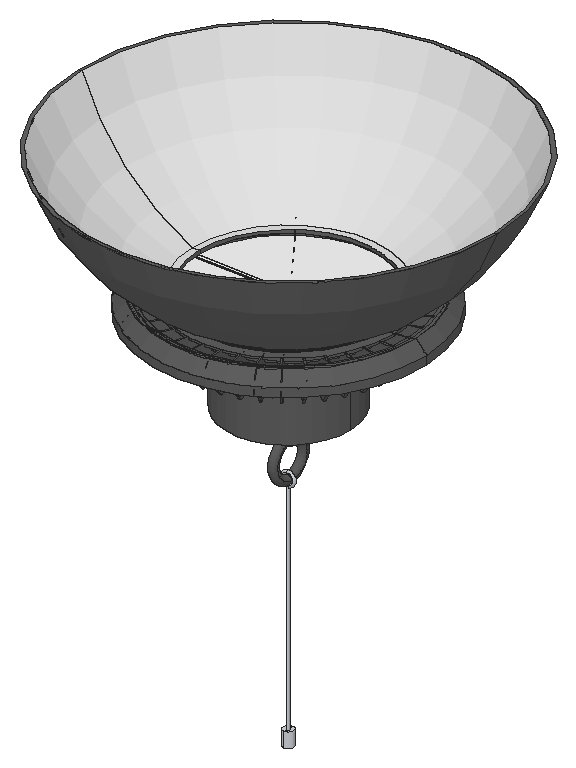
Revit family "0039350+0039357 Feilo Sylvania Lighting Fixture START HIGHBAY 6K 13KLM WIDE with ALU SHADE BLACK COLOR FOR 13_19KLM", category Lighting Fixtures, host Face, Revit 2017
Family settings
  Host = Face
  Round Connector Dimension = Use Diameter
  Part Type = Normal
  OmniClass Number = 23.80.70.00
  OmniClass Title = Lighting
  Cut with Voids When Loaded = No
  Light Source = Yes
  Shared = No
  Room Calculation Point = No
Parameters (values of type "0039350+0039357 START HIGHBAY 6K 13KLM WIDE ALU SHADE BLACK COLOR FOR 13/19KLM")
  WidthStraight_FEILO = if(SizeS_FEILO, 3 mm, if(SizeM_FEILO, 4 mm, 4.7 mm))  # 3 mm
  WidthRingChamfer_FEILO = if(SizeS_FEILO, 10.3 mm, if(SizeM_FEILO, 11.2 mm, 12.9 mm))  # 10.3 mm
  WidthCurved_FEILO = if(SizeS_FEILO, 17.4 mm, if(SizeM_FEILO, 16.4 mm, 26.2 mm))  # 17.4 mm
  WidthCurvedRing_FEILO = if(SizeS_FEILO, 3 mm, if(SizeM_FEILO, 4 mm, 4.7 mm))  # 3 mm
  WidthBracket_FEILO = 40 mm
  Weight = "3.0 kg"
  Wattage Comments = ""
  Wattage = 100 W
  WarrantyStartDate [instance] = "n/a"
  WarrantyGuarantorParts = "n/a"
  WarrantyDurationUnit = "n/a"
  WarrantyDurationParts = "n/a"
  WarrantyDescription = "n/a"
  built-in parameter 1150110 = 1 (stored number, unit not read)
  Voltage = 230 V
  VisibilityBracket_FEILO = no
  URL = "http://www.sylvania-lighting.com"
  TypeName = "START HIGHBAY 6K 13KLM WIDE ALU SHADE BLACK COLOR FOR 13/19KLM"
  Type Image = <None>
  Type Comments = "n/a"
  built-in parameter 1114217 = 1 (stored number, unit not read)
  Tilt Angle = -90.00°
  ThicknessWall_FEILO = 1.5 mm
  ThicknessBracket_FEILO = 1.5 mm
  ThicknessBracketHalf_FEILO = ThicknessBracket_FEILO / 2  # 0.75 mm
  built-in parameter 1150109 = 1 (stored number, unit not read)
  built-in parameter 1150134 = 1
  SuspensionHeight_FEILO [instance] = 400 mm
  built-in parameter 1150113 = 1 (stored number, unit not read)
  SizeS_FEILO = yes
  SizeM_FEILO = no
  ShadeThickness_FEILO = 3 mm
  ShadeSizeSM_FEILO = or(SizeS_FEILO, SizeM_FEILO)  # yes
  ShadeRadiusOut_FEILO = 205 mm
  ShadeRadiusIn_FEILO = if(ShadeSizeSM_FEILO, 95 mm, 121 mm)  # 95 mm
  ShadeRadiusBend_FEILO = if(ShadeSizeSM_FEILO, 210 mm, 210 mm)  # 210 mm
  ShadeHeight_FEILO = if(ShadeSizeSM_FEILO, 120 mm, 151 mm)  # 120 mm
  SerialNumber [instance] = "n/a"
  Rib4_FEILO = if(SizeS_FEILO, 18.1 mm, if(SizeM_FEILO, 13.6 mm, 14.6 mm))  # 18.1 mm
  Rib3_FEILO = if(SizeS_FEILO, 15.3 mm, if(SizeM_FEILO, 17.6 mm, 20.2 mm))  # 15.3 mm
  Rib2_FEILO = if(SizeS_FEILO, 3.6 mm, if(SizeM_FEILO, 3.9 mm, 4.5 mm))  # 3.6 mm
  Rib1_FEILO = if(SizeS_FEILO, 15.1 mm, if(SizeM_FEILO, 16.5 mm, 19 mm))  # 15.1 mm
  RadiusDiffuser_FEILO = if(SizeS_FEILO, 95.2 mm, if(SizeM_FEILO, 105.3 mm, 120 mm))  # 95.2 mm
  RadiusArrayPost_FEILO = DriverRadius_FEILO - 6 mm  # 55.4 mm
  RHRadius3_FEILO = if(SizeS_FEILO, 6.6 mm, if(SizeM_FEILO, 7.4 mm, 8.6 mm))  # 6.6 mm
  RHRadius2_FEILO = if(SizeS_FEILO, 11 mm, if(SizeM_FEILO, 12 mm, 14 mm))  # 11 mm
  RHRadius1_FEILO = if(SizeS_FEILO, 13.6 mm, if(SizeM_FEILO, 14.9 mm, 17.7 mm))  # 13.6 mm
  RHHeight4_FEILO = if(SizeS_FEILO, 7.3 mm, if(SizeM_FEILO, 8 mm, 9.2 mm))  # 7.3 mm
  RHHeight3_FEILO = if(SizeS_FEILO, 3.6 mm, if(SizeM_FEILO, 3.7 mm, 4.6 mm))  # 3.6 mm
  RHHeight2_FEILO = if(SizeS_FEILO, 2 mm, if(SizeM_FEILO, 2.2 mm, 2.6 mm))  # 2 mm
  RHHeight1_FEILO = if(SizeS_FEILO, 11.8 mm, if(SizeM_FEILO, 15.3 mm, 17.4 mm))  # 11.8 mm
  Photometric Web File = "0039350+0039357.ies"
  Material_5_FEILO = Shade-Sylvania-StartHighbay-Alu
  Material_3_FEILO = LED-Sylvania-StartHighbay-Glow
  PowerFactor = 0.95
  PowerConsumption = "100 W"
  NominalLength = 270 mm
  NominalHeight = 170 mm
  NominalDepth = 270 mm
  Name = "START HIGHBAY 6K 13KLM WIDE ALU SHADE BLACK COLOR FOR 13/19KLM"
  ModelReference = Name  # "START HIGHBAY 6K 13KLM WIDE ALU SHADE BLACK COLOR FOR 13/19KLM"
  ModelNumber = "0039350+0039357"
  Model = Name  # "START HIGHBAY 6K 13KLM WIDE ALU SHADE BLACK COLOR FOR 13/19KLM"
  Material = "aluminium alloy housing, polycarbonate diffuser"
  ManufacturerName = "Feilo Sylvania"
  Manufacturer = "Feilo Sylvania"
  LuminousEfficacy = "130 lm/W"
  built-in parameter 1150105 = 7435 (stored number, unit not read)
  Lumens = 13000 lm
  LuminaireType = ""
  built-in parameter 1150115 = 1 (stored number, unit not read)
  LightOutputRatio = "n/a"
  built-in parameter 1150137 = (empty or 0)
  built-in parameter 1150139 = (empty or 0)
  LampsType = Lamp  # "LED"
  LampNominalLuminous = "13000 lm"
  LampMacAdamStep = "n/a"
  LampColourTemperature = "6500 K"
  LampColourRenderingIndex = "80"
  built-in parameter 1150112 = 1 (stored number, unit not read)
  built-in parameter 1150114 = 1 (stored number, unit not read)
  Lamp = "LED"
  Keynote = "16500"
  InstallationDate [instance] = "n/a"
  InputVoltage = "220-240V~"
  InputNominalFrequency = "50/60 Hz"
  built-in parameter 1150132 = (empty or 0)
  built-in parameter 1150102 = (empty or 0)
  built-in parameter 1150107 = 6500 (stored number, unit not read)
  built-in parameter 1150138 = (empty or 0)
  IngressProtection = "IP65"
  ImpactProtectionIndex = "IK08"
  built-in parameter 1150106 = 74.35 (stored number, unit not read)
  IfcExportType = "IfcLightFixtureType"
  IfcExportAs = "IfcLightFixtureType"
  HeightRing_FEILO = if(SizeS_FEILO, 19.8 mm, if(SizeM_FEILO, 32 mm, 36.8 mm))  # 19.8 mm
  HeightRingChamfer_FEILO = if(SizeS_FEILO, 11.7 mm, if(SizeM_FEILO, 23.2 mm, 26.6 mm))  # 11.7 mm
  EyeThickness_FEILO = if(SizeS_FEILO, 8.4 mm, if(SizeM_FEILO, 9.2 mm, 10.5 mm))  # 8.4 mm
  EyeThicknessHalf_FEILO = EyeThickness_FEILO / 2  # 4.2 mm
  EyeInner_FEILO = if(SizeS_FEILO, 13.8 mm, if(SizeM_FEILO, 15.1 mm, 17.3 mm))  # 13.8 mm
  ExpectedLife = 50000
  Emit from Circle Diameter = RadiusDiffuser_FEILO * 2  # 190.4 mm
  Emit Shape Visible in Rendering = no
  ElectricShockClassification = "Class I"
  built-in parameter 1150104 = 12.077 (stored number, unit not read)
  DurationUnit = "hours"
  DriverVerticalStraight_FEILO = if(SizeS_FEILO, 46.5 mm, if(SizeM_FEILO, 49.7 mm, 57 mm))  # 46.5 mm
  DriverVerticalChamfer_FEILO = if(SizeS_FEILO, 7.5 mm, if(SizeM_FEILO, 8.2 mm, 9.5 mm))  # 7.5 mm
  DriverRadius_FEILO = if(SizeS_FEILO, 61.4 mm, if(SizeM_FEILO, 67.2 mm, 76.4 mm))  # 61.4 mm
  DriverRadiusTop_FEILO = if(SizeS_FEILO, 42 mm, if(SizeM_FEILO, 45.3 mm, 52.4 mm))  # 42 mm
  DriverBottom_FEILO = if(SizeS_FEILO, 56 mm, if(SizeM_FEILO, 64.5 mm, 74 mm))  # 56 mm
  DocumentationLiterature = "http://www.sylvania-lighting.com/product/en-int/products/0039350"
  DimmingControlOptions = "n/a"
  Material_2_FEILO = Diffuser-Sylvania-StartHighbay-Transparent
  Radius_FEILO = if(SizeS_FEILO, 135 mm, if(SizeM_FEILO, 148 mm, 169.5 mm))  # 135 mm
  Dimming Lamp Color Temperature Shift = <None>
  DiameterWire_FEILO = 3 mm
  DiameterWireSupport_FEILO = 10 mm
  Description = "START HIGHBAY, includes 1 m cables, black aluminium housing, 13000LM, 100W, 130lm/W, 6500K, Driver current: 2140mA, CR80, 60° beam angle, 1-10V dimmable,  IP65, IK08, 50,000 hrs (L70B50), (LxWxH) 270x270x170mm"
  Default Elevation = 1219.2 mm
  CreatedOn = "2/28/2018"
  CreatedBy = ""
  Cost = 0
  Color Filter = 16777215
  built-in parameter 1114216 [instance] = (empty or 0)
  ClassificationValue = "EF_70_80"
  ClassificationName = "Uniclass2015"
  Material_1_FEILO = Body-Sylvania-StartHighbay-Black
  BarCode [instance] = "n/a"
  built-in parameter 1114218 = 1 (stored number, unit not read)
  built-in parameter 1150133 = 10 (stored number, unit not read)
  AssetType = "Fixed"
  AssetIdentifier [instance] = "n/a"
  Assembly Code = "D5020200"
  Apparent Load = 100 VA
  Material_4_FEILO = Shade-Sylvania-StartHighbay-Black
Reference planes
  plane 1 "Center (Front/Back)": y = 0
  plane 2: z = 0
  plane 3 "Center (Left/Right)": x = 0
  plane 4: z = 400
  plane 5: x = -135
  plane 6: x = -124.7
  plane 7: z = 388.3
  plane 8: z = 380.2
  plane 9: x = -121.7
  plane 10: z = 397.375
  plane 11: x = -104.3
  plane 12: x = -95.2
  plane 13: x = -118.7
  plane 14: z = 398.375
  plane 15: z = 396.375
  plane 16: x = -92.2
  plane 17: z = 395.375
  plane 18: x = -133.5
  plane 19: x = -119.9
  plane 20: z = 376.6
  plane 21: x = -104.6
  plane 22: z = 358.5
  plane 23: x = -20
  plane 24: z = 344
  plane 25: x = -61.4
  plane 26: z = 297.5
  plane 27: x = -42
  plane 28: z = 290
  plane 29: x = -13.6
  plane 30: z = 278.2
  plane 31: z = 276.2
  plane 32: x = -11
  plane 33: z = 272.6
  plane 34: z = 265.3
  plane 35: x = -6.6
  plane 36: z = 251.5
  plane 37: z = 237.7
  plane 38: x = 4.2
  plane 39: x = -4.2
  plane 40: z = 229.3
  plane 41: z = 233.5
  plane 42: x = -129.1
  plane 43: x = -132.5
  plane 44: z = 378.7
  plane 45: x = -123.2
  plane 46: z = 320.75
  plane 47: y = -20
  plane 48: y = 20
  plane 49: x = 135
  plane 50: x = 124.7
  plane 51: x = 133.5
  plane 52: x = 129.1
  plane 53: x = 132.5
  plane 54: x = 123.2
  plane 55: z = 240.7
  plane 56: y = 1.5
  plane 57: y = -1.5
  plane 58: z = 239.2
  plane 59: z = 227.8
  plane 60: z = 226.3
  plane 61: y = -5
  plane 62: y = 5
  plane 63: z = 14
  plane 64: x = -205
  plane 65: z = 520
  plane 66: x = -95
  plane 67: x = -87
  plane 68: x = -202
  plane 69: z = 403
Forms (mm)
  Revolve 1, solid, material "Body-Sylvania-StartHighbay-Black" <- "Material_1_FEILO", detail levels medium+fine
    sketch origin (0, 0, 0) x (1, 0, 0) y (0, 0, 1)
      loop
        line (-135, 380.2) -> (-133.5, 380.2) -> (-133.5, 387.734) -> (-125.012, 397.375) -> (-118.7, 397.375) -> (-118.7, 399.16)
        arc (-118.7, 399.16) -> (-120.206, 399.56) -> (-121.7, 400) r 58.981
        line (-121.7, 400) -> (-124.241, 400)
        arc (-124.241, 400) -> (-124.657, 399.911) -> (-124.999, 399.66) r 1.015
        line (-124.999, 399.66) -> (-135, 388.3) -> (-135, 380.2)
      axis (0, 400) -> (0, 380.2)
    angle from 360 to 0
  Revolve 2, solid, material "Body-Sylvania-StartHighbay-Black" <- "Material_1_FEILO", detail levels medium+fine
    sketch origin (0, 0, 0) x (1, 0, 0) y (0, 0, 1)
      loop
        line (-104.3, 395.375) -> (-95.2, 395.375) -> (-95.2, 388.3) -> (0, 388.3) -> (0, 395.375) -> (-92.2, 395.375) -> (-92.2, 396.375) -> (-95.2, 396.375) -> (-95.2, 397.375) -> (-104.3, 397.375) -> (-104.3, 395.375)
      axis (0, 397.375) -> (0, 388.3)
    angle from 360 to 0
  Revolve 3, solid, material "Diffuser-Sylvania-StartHighbay-Transparent" <- "Material_2_FEILO", detail levels medium+fine
    sketch origin (0, 0, 0) x (1, 0, 0) y (0, 0, 1)
      loop
        line (-95.2, 396.375) -> (0, 396.375) -> (0, 398.375) -> (-95.2, 398.375) -> (-95.2, 396.375)
      axis (0, 398.375) -> (0, 396.375)
    angle from 360 to 0
  Revolve 4, solid, material "Body-Sylvania-StartHighbay-Black" <- "Material_1_FEILO"
    sketch origin (0, 0, 0) x (1, 0, 0) y (0, 0, 1)
      loop
        line (-61.4, 358.5) -> (-61.4, 297.5) -> (-42, 290) -> (-13.6, 290) -> (-13.6, 278.2) -> (-11, 276.2) -> (-11, 272.6) -> (-7.037, 266.026)
        arc (-7.037, 266.026) -> (-6.49, 265.494) -> (-5.753, 265.3) r 1.5
        line (-5.753, 265.3) -> (0, 265.3) -> (0, 358.5) -> (-61.4, 358.5)
      axis (0, 358.5) -> (0, 265.3)
    angle from 360 to 0
  Revolve 5, solid, material "Body-Sylvania-StartHighbay-Black" <- "Material_1_FEILO"
    sketch origin (0, 0, 0) x (1, 0, 0) y (0, 0, 1)
      loop
        circle (0, 233.5) r 4.2
      axis (4.2, 251.5) -> (-4.2, 251.5)
    angle from 360 to 0
  Extrusion 6, solid, material "Body-Sylvania-StartHighbay-Black" <- "Material_1_FEILO", visible <- "VisibilityBracket_FEILO"
    sketch origin (0, 0, 0) x (1, 0, 0) y (0, 0, 1)
      loop
        line (-132.5, 380.2) -> (-132.5, 378.7) -> (-125.45, 378.7)
        arc (-125.45, 378.7) -> (-124.92, 378.48) -> (-124.7, 377.95) r 0.75
        line (-124.7, 377.95) -> (-124.7, 320.75) -> (-123.2, 320.75) -> (-123.2, 378.7)
        arc (-123.2, 378.7) -> (-123.639, 379.761) -> (-124.7, 380.2) r 1.5
        line (-124.7, 380.2) -> (-132.5, 380.2)
      loop
        line (132.5, 380.2) -> (124.7, 380.2)
        arc (124.7, 380.2) -> (123.639, 379.761) -> (123.2, 378.7) r 1.5
        line (123.2, 378.7) -> (123.2, 320.75) -> (124.7, 320.75) -> (124.7, 377.95)
        arc (124.7, 377.95) -> (124.92, 378.48) -> (125.45, 378.7) r 0.75
        line (125.45, 378.7) -> (132.5, 378.7) -> (132.5, 380.2)
    from -20 to 20
  Extrusion 7, void
    sketch origin (0, 0, 0) x (0, 1, 0) y (0, 0, 1)
      loop
        arc (-10, 320.75) -> (-17.071, 323.679) -> (-20, 330.75) r 10
        line (-20, 330.75) -> (-25, 330.75) -> (-25, 315.75) -> (-10, 315.75) -> (-10, 320.75)
      loop
        line (10, 320.75) -> (10, 315.75) -> (25, 315.75) -> (25, 330.75) -> (20, 330.75)
        arc (20, 330.75) -> (17.071, 323.679) -> (10, 320.75) r 10
    from -124.7 to 124.7
  Revolve 8, solid, material "Body-Sylvania-StartHighbay-Black" <- "Material_1_FEILO", detail levels coarse
    sketch origin (0, 0, 0) x (1, 0, 0) y (0, 0, 1)
      loop
        line (0, 400) -> (-124.7, 400) -> (-135, 388.3) -> (-135, 380.2) -> (-119.9, 380.2) -> (-119.9, 376.6) -> (-104.6, 358.5) -> (0, 358.5) -> (0, 400)
      axis (0, 400) -> (0, 358.5)
    angle from 360 to 0
  Revolve 9, solid
    sketch origin (0, 0, 0) x (0, 1, 0) y (0, 0, 1)
      loop
        circle (0, 239.2) r 1.5
      axis (1.5, 233.5) -> (-1.5, 233.5)
    angle from 360 to 0
  Revolve 10, solid
    sketch origin (0, 0, 0) x (0, 1, 0) y (0, 0, 1)
      loop
        line (0, 0) -> (0, 227.8) -> (-1.5, 227.8) -> (-1.5, 14) -> (-5, 14) -> (-5, 0) -> (0, 0)
      axis (0, 0) -> (0, 227.8)
    angle from 360 to 0
  Revolve 11, solid, material "Shade-Sylvania-StartHighbay-Black" <- "Material_4_FEILO"
    sketch origin (0, 0, 0) x (1, 0, 0) y (0, 0, 1)
      loop
        line (-95, 400) -> (-87, 400) -> (-87, 403) -> (-94.341, 403)
        arc (-94.341, 403) -> (-159.747, 450.78) -> (-201.81, 520) r 207
        line (-201.81, 520) -> (-205, 520)
        arc (-205, 520) -> (-162.101, 448.908) -> (-95, 400) r 210
      axis (0, 520) -> (0, 400)
    angle from 360 to 0
Cuts and joins
  Extrusion 7 cuts Extrusion 6
Lines and regions (mm)
  reference lines
    curve 1: line (-135, 0, 388.3) -> (-124.7, 0, 400)
    curve 2: line (-104.3, 0, 397.375) -> (0, 0, 397.375)
    curve 3: arc (-104.3, 0, 397.375) -> (-113.098, 0, 398.035) -> (-121.7, 0, 400) r 58.981
    curve 4: line (-124.7, 0, 400) -> (-121.7, 0, 400)
    curve 5: line (-125.012, 0, 397.375) -> (-133.5, 0, 387.734)
    curve 6: line (-119.9, 0, 376.6) -> (-104.6, 0, 358.5)
    curve 7: line (-11, 0, 272.6) -> (-6.6, 0, 265.3)
    curve 8: circle (0, 0, 233.5) r 4.2 normal (0, -1, 0)
    curve 9: arc (-95, 0, 400) -> (-162.101, 0, 448.908) -> (-205, 0, 520) r 210
Dimensions and locks
  "Radius_FEILO": plane 3 "Center (Left/Right)" to plane 5
  "WidthRingChamfer_FEILO": plane 6 to plane 5
  "WidthStraight_FEILO": plane 9 to plane 6
  "WidthCurvedRing_FEILO": plane 13 to plane 9
  locked: plane 10 to plane 15 at 1
  locked: plane 14 to plane 10 at 1
  locked: plane 4 to plane 10 at 2.625
  locked: plane 15 to plane 17 at 1
  "ThicknessWall_FEILO": plane 18 to plane 5
  "ThicknessWall_FEILO": curve 5 to curve 1
  "HeightRingChamfer_FEILO": plane 4 to plane 7
  "HeightRing_FEILO": plane 4 to plane 8
  "RadiusDiffuser_FEILO": plane 3 "Center (Left/Right)" to plane 12
  locked: plane 16 to plane 12 at 3
  "WidthCurved_FEILO": plane 11 to plane 9
  "SuspensionHeight_FEILO": plane 4 to plane 2
  "Rib1_FEILO": plane 19 to plane 5
  "Rib2_FEILO": plane 8 to plane 20
  "Rib3_FEILO": plane 21 to plane 19
  "Rib4_FEILO": plane 20 to plane 22
  locked: plane 3 "Center (Left/Right)" to plane 23 at 20
  "DriverBottom_FEILO": plane 4 to plane 24
  "DriverRadius_FEILO": plane 3 "Center (Left/Right)" to plane 25
  "DriverVerticalStraight_FEILO": plane 24 to plane 26
  "DriverRadiusTop_FEILO": plane 3 "Center (Left/Right)" to plane 27
  "DriverVerticalChamfer_FEILO": plane 26 to plane 28
  "RHRadius1_FEILO": plane 3 "Center (Left/Right)" to plane 29
  "RHHeight2_FEILO": plane 30 to plane 31
  "RHRadius2_FEILO": plane 3 "Center (Left/Right)" to plane 32
  "RHHeight3_FEILO": plane 31 to plane 33
  "RHHeight4_FEILO": plane 33 to plane 34
  "RHRadius3_FEILO": plane 3 "Center (Left/Right)" to plane 35
  "RHHeight1_FEILO": plane 28 to plane 30
  "EyeInner_FEILO": plane 34 to plane 36
  "EyeInner_FEILO": plane 36 to plane 37
  equal spacing: plane 38, plane 3 "Center (Left/Right)", plane 39
  "EyeThickness_FEILO": plane 38 to plane 39
  "EyeThickness_FEILO": plane 37 to plane 40
  equal spacing: plane 37, plane 41, plane 40
  equal spacing: plane 6, plane 42, plane 18
  "ThicknessBracket_FEILO": plane 45 to plane 6
  "ThicknessBracket_FEILO": plane 8 to plane 44
  locked: plane 43 to plane 18 at 1
  equal spacing: plane 24, plane 46, plane 26
  equal spacing: plane 47, plane 1 "Center (Front/Back)", plane 48
  "WidthBracket_FEILO": plane 47 to plane 48
  "WidthRingChamfer_FEILO": plane 50 to plane 49
  "ThicknessWall_FEILO": plane 51 to plane 49
  equal spacing: plane 50, plane 52, plane 51
  "ThicknessBracket_FEILO": plane 54 to plane 50
  locked: plane 53 to plane 51 at 1
  "Radius_FEILO": plane 49 to plane 3 "Center (Left/Right)"
  equal spacing: plane 57, imposter light, plane 56
  "DiameterWire_FEILO": plane 57 to plane 56
  "DiameterWire_FEILO": plane 37 to plane 55
  equal spacing: plane 37, plane 58, plane 55
  "DiameterWire_FEILO": plane 60 to plane 40
  equal spacing: plane 60, plane 59, plane 40
  equal spacing: plane 61, plane 1 "Center (Front/Back)", plane 62
  "DiameterWireSupport_FEILO": plane 61 to plane 62
  locked: plane 63 to plane 2 at 14
  "ShadeRadiusOut_FEILO": plane 3 "Center (Left/Right)" to plane 64
  "ShadeHeight_FEILO": plane 65 to plane 4
  "ShadeRadiusIn_FEILO": plane 3 "Center (Left/Right)" to plane 66
  locked: plane 67 to plane 66 at 8
  "ShadeThickness_FEILO": plane 69 to plane 4
  "ShadeThickness_FEILO": plane 68 to plane 64
  "EyeThicknessHalf_FEILO": radius of curve 8
  "ThicknessBracket_FEILO": radius of Extrusion 6 sketch curve  (x2)
  "ThicknessBracketHalf_FEILO": radius of Extrusion 6 sketch curve  (x2)
  "DiameterWire_FEILO": diameter of Revolve 9 sketch curve
  "ShadeRadiusBend_FEILO": radius of curve 9
  aligned and locked: plane 2 to host face
  aligned and locked: level to host face
  aligned and locked: plane 5 to curve 1
  aligned and locked: plane 6 to curve 1
  aligned and locked: plane 7 to curve 1
  aligned and locked: plane 10 to curve 2
  aligned and locked: plane 9 to curve 3
  aligned and locked: plane 4 to curve 3
  aligned and locked: plane 11 to curve 3
  aligned and locked: plane 4 to curve 4
  aligned and locked: plane 18 to curve 5
  aligned and locked: plane 10 to curve 5
  aligned and locked: Revolve 1 sketch curve to plane 3 "Center (Left/Right)"
  aligned and locked: Revolve 1 sketch curve to curve 3
  aligned and locked: Revolve 1 sketch curve to curve 1
  aligned and locked: plane 4 to Revolve 1 sketch curve
  aligned and locked: plane 9 to Revolve 1 sketch curve
  aligned and locked: Revolve 1 sketch curve to plane 13
  aligned and locked: Revolve 1 sketch curve to plane 10
  aligned and locked: plane 13 to Revolve 1 sketch curve
  aligned and locked: plane 10 to Revolve 1 sketch curve
  aligned and locked: Revolve 1 sketch curve to plane 18
  aligned and locked: Revolve 1 sketch curve to plane 8
  aligned and locked: plane 5 to Revolve 1 sketch curve  (x2)
  aligned and locked: Revolve 2 sketch curve to plane 3 "Center (Left/Right)"
  aligned and locked: plane 11 to Revolve 2 sketch curve
  aligned and locked: Revolve 2 sketch curve to curve 2
  aligned and locked: plane 15 to Revolve 2 sketch curve
  aligned and locked: Revolve 2 sketch curve to plane 16
  aligned and locked: plane 17 to Revolve 2 sketch curve  (x2)
  aligned and locked: Revolve 2 sketch curve to plane 12
  aligned and locked: plane 7 to Revolve 2 sketch curve
  aligned and locked: Revolve 3 sketch curve to plane 3 "Center (Left/Right)"
  aligned and locked: Revolve 3 sketch curve to plane 14
  aligned and locked: plane 3 "Center (Left/Right)" to Revolve 3 sketch curve
  aligned and locked: Revolve 3 sketch curve to plane 12
  aligned and locked: plane 15 to Revolve 3 sketch curve
  aligned and locked: Revolve 1 sketch curve to curve 5
  aligned and locked: plane 22 to curve 6
  aligned and locked: plane 21 to curve 6
  aligned and locked: plane 20 to curve 6
  aligned and locked: plane 19 to curve 6
  aligned and locked: plane 33 to curve 7
  aligned and locked: plane 32 to curve 7
  aligned and locked: plane 35 to curve 7
  aligned and locked: plane 34 to curve 7
  aligned and locked: Revolve 4 sketch curve to plane 3 "Center (Left/Right)"
  aligned and locked: Revolve 4 sketch curve to plane 25
  aligned and locked: plane 27 to Revolve 4 sketch curve
  aligned and locked: plane 28 to Revolve 4 sketch curve
  aligned and locked: plane 30 to Revolve 4 sketch curve
  aligned and locked: Revolve 4 sketch curve to plane 29
  aligned and locked: plane 31 to Revolve 4 sketch curve
  aligned and locked: Revolve 4 sketch curve to curve 7
  aligned and locked: Revolve 4 sketch curve to plane 32
  aligned and locked: plane 34 to Revolve 4 sketch curve
  aligned and locked: plane 3 "Center (Left/Right)" to Revolve 4 sketch curve
  aligned and locked: plane 3 "Center (Left/Right)" to curve 8
  aligned and locked: plane 41 to curve 8
  aligned and locked: Revolve 5 sketch curve to plane 36
  aligned and locked: Revolve 5 sketch curve to curve 8
  aligned and locked: plane 43 to Extrusion 6 sketch curve  (x2)
  aligned and locked: plane 8 to Extrusion 6 sketch curve  (x3)
  aligned and locked: Extrusion 6 sketch curve to plane 45
  aligned and locked: Extrusion 6 sketch curve to plane 46  (x2)
  aligned and locked: plane 6 to Extrusion 6 sketch curve
  aligned and locked: Extrusion 6 sketch curve to plane 44  (x2)
  aligned and locked: Extrusion 6 to plane 48
  aligned and locked: plane 47 to Extrusion 6
  aligned and locked: plane 53 to Extrusion 6 sketch curve
  aligned and locked: plane 50 to Extrusion 6 sketch curve
  aligned and locked: Extrusion 6 sketch curve to plane 54
  aligned and locked: Extrusion 7 sketch curve to Extrusion 7 sketch curve
  aligned and locked: Extrusion 7 to plane 6
  aligned and locked: Extrusion 7 to Extrusion 6
  aligned and locked: Revolve 4 sketch curve to plane 22
  aligned and locked: plane 23 to nested 1
  aligned and locked: plane 1 "Center (Front/Back)" to nested 1
  aligned and locked: Revolve 8 sketch curve to plane 3 "Center (Left/Right)"
  aligned and locked: Revolve 8 sketch curve to plane 4
  aligned and locked: plane 6 to Revolve 8 sketch curve
  aligned and locked: plane 4 to Revolve 8 sketch curve
  aligned and locked: plane 7 to Revolve 8 sketch curve
  aligned and locked: Revolve 8 sketch curve to plane 5
  aligned and locked: plane 8 to Revolve 8 sketch curve  (x2)
  aligned and locked: Revolve 8 sketch curve to plane 19
  aligned and locked: plane 20 to Revolve 8 sketch curve
  aligned and locked: plane 19 to Revolve 8 sketch curve
  aligned and locked: plane 21 to Revolve 8 sketch curve
  aligned and locked: plane 22 to Revolve 8 sketch curve  (x2)
  aligned and locked: Revolve 8 sketch curve to Revolve 8 sketch curve
  aligned and locked: imposter light to plane 4
  aligned and locked: plane 3 "Center (Left/Right)" to imposter light
  aligned and locked: imposter light to plane 1 "Center (Front/Back)"
  aligned and locked: Revolve 9 sketch curve to plane 41
  aligned and locked: Revolve 10 sketch curve to plane 1 "Center (Front/Back)"
  aligned and locked: plane 1 "Center (Front/Back)" to Revolve 10 sketch curve  (x2)
  aligned and locked: host face to Revolve 10 sketch curve
  aligned and locked: plane 63 to Revolve 10 sketch curve
  aligned and locked: Revolve 10 sketch curve to plane 61
  aligned and locked: Revolve 10 sketch curve to plane 57
  aligned and locked: plane 59 to Revolve 10 sketch curve
  aligned and locked: plane 64 to curve 9
  aligned and locked: plane 65 to curve 9
  aligned and locked: plane 66 to curve 9
  aligned and locked: plane 4 to curve 9
  aligned and locked: Revolve 11 sketch curve to curve 9
  aligned and locked: plane 67 to Revolve 11 sketch curve
  aligned and locked: plane 66 to Revolve 11 sketch curve
  aligned and locked: plane 65 to Revolve 11 sketch curve  (x2)
  aligned and locked: Revolve 11 sketch curve to plane 67
  aligned and locked: plane 69 to Revolve 11 sketch curve
Automatic sketch dimensions
  host sketch curve to host sketch curve = 2438.4 mm  (x2)
  Revolve 1 sketch curve to plane 6 = 0.299 mm
  plane 6 to Revolve 1 sketch curve = 0.459 mm
  Revolve 1 sketch curve to level = 609.6 mm
  Revolve 1 sketch curve to Revolve 1 sketch curve = 2312.223 mm
  Revolve 2 sketch curve to plane 12 = 0 mm
  Revolve 2 sketch curve to plane 3 "Center (Left/Right)" = 0 mm
  Revolve 2 sketch curve to level = 609.6 mm
  Revolve 2 sketch curve to plane 4 = 2339.058 mm
  Revolve 3 sketch curve to level = 609.6 mm
  Revolve 3 sketch curve to plane 4 = 2339.058 mm
  Revolve 5 sketch curve to plane 5 = 1080 mm
  plane 38 to Revolve 5 sketch curve = 1219.2 mm
  Extrusion 7 sketch curve to plane 47 = 0 mm
  plane 46 to Extrusion 7 sketch curve = 0 mm  (x2)
  Extrusion 7 sketch curve to plane 48 = 0 mm
  plane 47 to Extrusion 7 sketch curve = 5 mm
  plane 1 "Center (Front/Back)" to Extrusion 7 sketch curve = 10 mm
  Extrusion 7 sketch curve to Extrusion 7 sketch curve = 10 mm
  plane 46 to Extrusion 7 sketch curve = 5 mm
  Extrusion 7 sketch curve to Extrusion 7 sketch curve = 5 mm
  Extrusion 7 sketch curve to plane 48 = 5 mm
  Revolve 4 sketch curve to plane 26 = 0 mm
  Revolve 4 sketch curve to plane 35 = 0.437 mm
  plane 35 to Revolve 4 sketch curve = 0.847 mm
  Revolve 4 sketch curve to plane 34 = 0.726 mm
  plane 40 to Revolve 4 sketch curve = 590.2 mm
  Revolve 4 sketch curve to plane 4 = 2339.058 mm
  Revolve 8 sketch curve to level = 609.6 mm
  Revolve 8 sketch curve to Revolve 8 sketch curve = 2386.058 mm
  Revolve 9 sketch curve to plane 1 "Center (Front/Back)" = 0 mm
  plane 58 to Revolve 9 sketch curve = 0 mm
  plane 47 to Revolve 9 sketch curve = 2534.941 mm
  Revolve 9 sketch curve to plane 48 = 2077.409 mm
  Revolve 10 sketch curve to Revolve 10 sketch curve = 609.6 mm
  Revolve 10 sketch curve to plane 4 = 2123.807 mm
  curve 2 to plane 3 "Center (Left/Right)" = 0 mm
  Revolve 11 sketch curve to Revolve 11 sketch curve = 0 mm  (x2)
  Revolve 11 sketch curve to plane 3 "Center (Left/Right)" = 0 mm
  plane 66 to Revolve 11 sketch curve = 0.659 mm
  Revolve 11 sketch curve to level = 609.6 mm
  Revolve 11 sketch curve to Revolve 11 sketch curve = 2068.248 mm
Nested families
  nested 1: "Start Highbay Rib" at (0, 0, 397.375), type "Type Name", detail levels medium+fine
    with SuspensionHeight_FEILO 2.6 mm
  nested 2: "Start Highbay Rib" at (0, 0, 397.375) x (0.9877, 0.1564, 0) z (0, 0, 1), type "Type Name", detail levels medium+fine
    with SuspensionHeight_FEILO 2.6 mm
  nested 3: "Start Highbay Rib" at (0, 0, 397.375) x (0.9511, 0.309, 0) z (0, 0, 1), type "Type Name", detail levels medium+fine
    with SuspensionHeight_FEILO 2.6 mm
  nested 4: "Start Highbay Rib" at (0, 0, 397.375) x (0.891, 0.454, 0) z (0, 0, 1), type "Type Name", detail levels medium+fine
    with SuspensionHeight_FEILO 2.6 mm
  nested 5: "Start Highbay Rib" at (0, 0, 397.375) x (0.809, 0.5878, 0) z (0, 0, 1), type "Type Name", detail levels medium+fine
    with SuspensionHeight_FEILO 2.6 mm
  nested 6: "Start Highbay Rib" at (0, 0, 397.375) x (0.7071, 0.7071, 0) z (0, 0, 1), type "Type Name", detail levels medium+fine
    with SuspensionHeight_FEILO 2.6 mm
  nested 7: "Start Highbay Rib" at (0, 0, 397.375) x (0.5878, 0.809, 0) z (0, 0, 1), type "Type Name", detail levels medium+fine
    with SuspensionHeight_FEILO 2.6 mm
  nested 8: "Start Highbay Rib" at (0, 0, 397.375) x (0.454, 0.891, 0) z (0, 0, 1), type "Type Name", detail levels medium+fine
    with SuspensionHeight_FEILO 2.6 mm
  nested 9: "Start Highbay Rib" at (0, 0, 397.375) x (0.309, 0.9511, 0) z (0, 0, 1), type "Type Name", detail levels medium+fine
    with SuspensionHeight_FEILO 2.6 mm
  nested 10: "Start Highbay Rib" at (0, 0, 397.375) x (0.1564, 0.9877, 0) z (0, 0, 1), type "Type Name", detail levels medium+fine
    with SuspensionHeight_FEILO 2.6 mm
  nested 11: "Start Highbay Rib" at (0, 0, 397.375) x (0, 1, 0) z (0, 0, 1), type "Type Name", detail levels medium+fine
    with SuspensionHeight_FEILO 2.6 mm
  nested 12: "Start Highbay Rib" at (0, 0, 397.375) x (-0.1564, 0.9877, 0) z (0, 0, 1), type "Type Name", detail levels medium+fine
    with SuspensionHeight_FEILO 2.6 mm
  nested 13: "Start Highbay Rib" at (0, 0, 397.375) x (-0.309, 0.9511, 0) z (0, 0, 1), type "Type Name", detail levels medium+fine
    with SuspensionHeight_FEILO 2.6 mm
  nested 14: "Start Highbay Rib" at (0, 0, 397.375) x (-0.454, 0.891, 0) z (0, 0, 1), type "Type Name", detail levels medium+fine
    with SuspensionHeight_FEILO 2.6 mm
  nested 15: "Start Highbay Rib" at (0, 0, 397.375) x (-0.5878, 0.809, 0) z (0, 0, 1), type "Type Name", detail levels medium+fine
    with SuspensionHeight_FEILO 2.6 mm
  nested 16: "Start Highbay Rib" at (0, 0, 397.375) x (-0.7071, 0.7071, 0) z (0, 0, 1), type "Type Name", detail levels medium+fine
    with SuspensionHeight_FEILO 2.6 mm
  nested 17: "Start Highbay Rib" at (0, 0, 397.375) x (-0.809, 0.5878, 0) z (0, 0, 1), type "Type Name", detail levels medium+fine
    with SuspensionHeight_FEILO 2.6 mm
  nested 18: "Start Highbay Rib" at (0, 0, 397.375) x (-0.891, 0.454, 0) z (0, 0, 1), type "Type Name", detail levels medium+fine
    with SuspensionHeight_FEILO 2.6 mm
  nested 19: "Start Highbay Rib" at (0, 0, 397.375) x (-0.9511, 0.309, 0) z (0, 0, 1), type "Type Name", detail levels medium+fine
    with SuspensionHeight_FEILO 2.6 mm
  nested 20: "Start Highbay Rib" at (0, 0, 397.375) x (-0.9877, 0.1564, 0) z (0, 0, 1), type "Type Name", detail levels medium+fine
    with SuspensionHeight_FEILO 2.6 mm
  nested 21: "Start Highbay Rib" at (0, 0, 397.375) x (-1, 0, 0) z (0, 0, 1), type "Type Name", detail levels medium+fine
    with SuspensionHeight_FEILO 2.6 mm
  nested 22: "Start Highbay Rib" at (0, 0, 397.375) x (-0.9877, -0.1564, 0) z (0, 0, 1), type "Type Name", detail levels medium+fine
    with SuspensionHeight_FEILO 2.6 mm
  nested 23: "Start Highbay Rib" at (0, 0, 397.375) x (-0.9511, -0.309, 0) z (0, 0, 1), type "Type Name", detail levels medium+fine
    with SuspensionHeight_FEILO 2.6 mm
  nested 24: "Start Highbay Rib" at (0, 0, 397.375) x (-0.891, -0.454, 0) z (0, 0, 1), type "Type Name", detail levels medium+fine
    with SuspensionHeight_FEILO 2.6 mm
  nested 25: "Start Highbay Rib" at (0, 0, 397.375) x (-0.809, -0.5878, 0) z (0, 0, 1), type "Type Name", detail levels medium+fine
    with SuspensionHeight_FEILO 2.6 mm
  nested 26: "Start Highbay Rib" at (0, 0, 397.375) x (-0.7071, -0.7071, 0) z (0, 0, 1), type "Type Name", detail levels medium+fine
    with SuspensionHeight_FEILO 2.6 mm
  nested 27: "Start Highbay Rib" at (0, 0, 397.375) x (-0.5878, -0.809, 0) z (0, 0, 1), type "Type Name", detail levels medium+fine
    with SuspensionHeight_FEILO 2.6 mm
  nested 28: "Start Highbay Rib" at (0, 0, 397.375) x (-0.454, -0.891, 0) z (0, 0, 1), type "Type Name", detail levels medium+fine
    with SuspensionHeight_FEILO 2.6 mm
  nested 29: "Start Highbay Rib" at (0, 0, 397.375) x (-0.309, -0.9511, 0) z (0, 0, 1), type "Type Name", detail levels medium+fine
    with SuspensionHeight_FEILO 2.6 mm
  nested 30: "Start Highbay Rib" at (0, 0, 397.375) x (-0.1564, -0.9877, 0) z (0, 0, 1), type "Type Name", detail levels medium+fine
    with SuspensionHeight_FEILO 2.6 mm
  nested 31: "Start Highbay Rib" at (0, 0, 397.375) x (0, -1, 0) z (0, 0, 1), type "Type Name", detail levels medium+fine
    with SuspensionHeight_FEILO 2.6 mm
  nested 32: "Start Highbay Rib" at (0, 0, 397.375) x (0.1564, -0.9877, 0) z (0, 0, 1), type "Type Name", detail levels medium+fine
    with SuspensionHeight_FEILO 2.6 mm
  nested 33: "Start Highbay Rib" at (0, 0, 397.375) x (0.309, -0.9511, 0) z (0, 0, 1), type "Type Name", detail levels medium+fine
    with SuspensionHeight_FEILO 2.6 mm
  nested 34: "Start Highbay Rib" at (0, 0, 397.375) x (0.454, -0.891, 0) z (0, 0, 1), type "Type Name", detail levels medium+fine
    with SuspensionHeight_FEILO 2.6 mm
  nested 35: "Start Highbay Rib" at (0, 0, 397.375) x (0.5878, -0.809, 0) z (0, 0, 1), type "Type Name", detail levels medium+fine
    with SuspensionHeight_FEILO 2.6 mm
  nested 36: "Start Highbay Rib" at (0, 0, 397.375) x (0.7071, -0.7071, 0) z (0, 0, 1), type "Type Name", detail levels medium+fine
    with SuspensionHeight_FEILO 2.6 mm
  nested 37: "Start Highbay Rib" at (0, 0, 397.375) x (0.809, -0.5878, 0) z (0, 0, 1), type "Type Name", detail levels medium+fine
    with SuspensionHeight_FEILO 2.6 mm
  nested 38: "Start Highbay Rib" at (0, 0, 397.375) x (0.891, -0.454, 0) z (0, 0, 1), type "Type Name", detail levels medium+fine
    with SuspensionHeight_FEILO 2.6 mm
  nested 39: "Start Highbay Rib" at (0, 0, 397.375) x (0.9511, -0.309, 0) z (0, 0, 1), type "Type Name", detail levels medium+fine
    with SuspensionHeight_FEILO 2.6 mm
  nested 40: "Start Highbay Rib" at (0, 0, 397.375) x (0.9877, -0.1564, 0) z (0, 0, 1), type "Type Name", detail levels medium+fine
    with SuspensionHeight_FEILO 2.6 mm
Connectors
  electrical at (0, 0, 0), driven by "Apparent Load", driven by "PowerFactor", driven by "Voltage"
    settings: index 1, voltage 230 V, apparent load 100 VA, apparent load phase1 0 VA, apparent load phase2 0 VA, apparent load phase3 0 VA, power factor 0.95, load classification "Lighting", number of poles 1, system type 30, power factor state 1, is connector primary yes, connector utility no, sub classification motor no, connector description ""
Definition of nested family "Start Highbay Rib"
  Parameters (values of type "Type Name")
    WidthStraight_FEILO = if(SizeS_FEILO, 3 mm, if(SizeM_FEILO, 4 mm, 4.7 mm))  # 3 mm
    WidthRingChamfer_FEILO = if(SizeS_FEILO, 10.3 mm, if(SizeM_FEILO, 11.2 mm, 12.9 mm))  # 10.3 mm
    WidthCurved_FEILO = if(SizeS_FEILO, 17.4 mm, if(SizeM_FEILO, 16.4 mm, 26.2 mm))  # 17.4 mm
    WidthCurvedRing_FEILO = if(SizeS_FEILO, 3 mm, if(SizeM_FEILO, 4 mm, 4.7 mm))  # 3 mm
    WidthBracket_FEILO = 40 mm
    URL = "http://www.feilosylvania.com"
    Type Image = (empty or 0)
    Type Comments = "n/a"
    ThicknessWall_FEILO = 1.5 mm
    ThicknessBracket_FEILO = 1.5 mm
    ThicknessBracketHalf_FEILO = ThicknessBracket_FEILO / 2  # 0.75 mm
    SuspensionHeight_FEILO [instance] = 2.6 mm
    SizeS_FEILO = yes
    SizeM_FEILO = no
    Rib4_FEILO = if(SizeS_FEILO, 18.1 mm, if(SizeM_FEILO, 13.6 mm, 14.6 mm))  # 18.1 mm
    Rib3_FEILO = if(SizeS_FEILO, 15.3 mm, if(SizeM_FEILO, 17.6 mm, 20.2 mm))  # 15.3 mm
    Rib2_FEILO = if(SizeS_FEILO, 3.6 mm, if(SizeM_FEILO, 3.9 mm, 4.5 mm))  # 3.6 mm
    Rib1_FEILO = if(SizeS_FEILO, 15.1 mm, if(SizeM_FEILO, 16.5 mm, 19 mm))  # 15.1 mm
    RadiusRib_FEILO = 2 mm
    RadiusDiffuser_FEILO = if(SizeS_FEILO, 95.2 mm, if(SizeM_FEILO, 105.3 mm, 120 mm))  # 95.2 mm
    RHRadius3_FEILO = if(SizeS_FEILO, 6.6 mm, if(SizeM_FEILO, 7.4 mm, 8.6 mm))  # 6.6 mm
    RHRadius2_FEILO = if(SizeS_FEILO, 11 mm, if(SizeM_FEILO, 12 mm, 14 mm))  # 11 mm
    RHRadius1_FEILO = if(SizeS_FEILO, 13.6 mm, if(SizeM_FEILO, 14.9 mm, 17.7 mm))  # 13.6 mm
    RHHeight4_FEILO = if(SizeS_FEILO, 7.3 mm, if(SizeM_FEILO, 8 mm, 9.2 mm))  # 7.3 mm
    RHHeight3_FEILO = if(SizeS_FEILO, 3.6 mm, if(SizeM_FEILO, 3.7 mm, 4.6 mm))  # 3.6 mm
    RHHeight2_FEILO = if(SizeS_FEILO, 2 mm, if(SizeM_FEILO, 2.2 mm, 2.6 mm))  # 2 mm
    RHHeight1_FEILO = if(SizeS_FEILO, 11.8 mm, if(SizeM_FEILO, 15.3 mm, 17.4 mm))  # 11.8 mm
    Material_3_FEILO = none
    Model = ""
    Manufacturer = "Feilo Sylvania"
    Keynote = "16500"
    HeightRing_FEILO = if(SizeS_FEILO, 19.8 mm, if(SizeM_FEILO, 32 mm, 36.8 mm))  # 19.8 mm
    HeightRingChamfer_FEILO = if(SizeS_FEILO, 11.7 mm, if(SizeM_FEILO, 23.2 mm, 26.6 mm))  # 11.7 mm
    EyeThickness_FEILO = if(SizeS_FEILO, 8.4 mm, if(SizeM_FEILO, 9.2 mm, 10.5 mm))  # 8.4 mm
    EyeThicknessHalf_FEILO = EyeThickness_FEILO / 2  # 4.2 mm
    EyeInner_FEILO = if(SizeS_FEILO, 13.8 mm, if(SizeM_FEILO, 15.1 mm, 17.3 mm))  # 13.8 mm
    DriverVerticalStraight_FEILO = if(SizeS_FEILO, 46.5 mm, if(SizeM_FEILO, 49.7 mm, 57 mm))  # 46.5 mm
    DriverVerticalChamfer_FEILO = if(SizeS_FEILO, 7.5 mm, if(SizeM_FEILO, 8.2 mm, 9.5 mm))  # 7.5 mm
    DriverRadius_FEILO = if(SizeS_FEILO, 61.4 mm, if(SizeM_FEILO, 67.2 mm, 76.4 mm))  # 61.4 mm
    DriverRadiusTop_FEILO = if(SizeS_FEILO, 42 mm, if(SizeM_FEILO, 45.3 mm, 52.4 mm))  # 42 mm
    DriverBottom_FEILO = if(SizeS_FEILO, 56 mm, if(SizeM_FEILO, 64.5 mm, 74 mm))  # 56 mm
    Material_2_FEILO = none
    Radius_FEILO = if(SizeS_FEILO, 135 mm, if(SizeM_FEILO, 148 mm, 169.5 mm))  # 135 mm
    Description = ""
    Default Elevation = 1219.2 mm
    Cost = 0
    Material_1_FEILO = none
    Assembly Code = "D5020200"
    Material_4_FEILO = none
  Reference planes
    plane 1 "Center (Front/Back)": y = 0
    plane 2: z = 0
    plane 3 "Center (Left/Right)": x = 0
    plane 4: z = 2.6
    plane 5: x = -135
    plane 6: x = -124.7
    plane 7: z = -9.1
    plane 8: z = -17.2
    plane 9: x = -121.7
    plane 10: z = -0.025
    plane 11: x = -104.3
    plane 12: x = -95.2
    plane 13: x = -118.7
    plane 14: z = 0.975
    plane 15: z = -1.025
    plane 16: x = -92.2
    plane 17: z = -2.025
    plane 18: x = -133.5
    plane 19: x = -119.9
    plane 20: z = -20.8
    plane 21: x = -104.6
    plane 22: z = -38.9
    plane 23: x = -20
    plane 24: z = -53.4
    plane 25: x = -61.4
    plane 26: z = -99.9
    plane 27: x = -42
    plane 28: z = -107.4
    plane 29: x = -13.6
    plane 30: z = -119.2
    plane 31: z = -121.2
    plane 32: x = -11
    plane 33: z = -124.8
    plane 34: z = -132.1
    plane 35: x = -6.6
    plane 36: z = -145.9
    plane 37: z = -159.7
    plane 38: x = 4.2
    plane 39: x = -4.2
    plane 40: z = -168.1
    plane 41: z = -163.9
    plane 42: x = -129.1
    plane 43: x = -132.5
    plane 44: z = -18.7
    plane 45: x = -123.2
    plane 46: z = -76.65
    plane 47: y = -20
    plane 48: y = 20
    plane 49: x = 135
    plane 50: x = 124.7
    plane 51: x = 133.5
    plane 52: x = 129.1
    plane 53: x = 132.5
    plane 54: x = 123.2
    plane 55: y = 0.75
    plane 56: y = -0.75
  Forms (mm)
    Extrusion 1, solid
      sketch origin (4.2, 0, 0) x (1, 0, 0) y (0, 1, 0)
        loop
          line (-1219.2, 1219.2) -> (-1219.2, -1219.2) -> (1219.2, -1219.2) -> (1219.2, 1219.2) -> (-1219.2, 1219.2)
      from 0 to -68.017
    Extrusion 2, solid, material <- "Material_1_FEILO"
      sketch origin (0, 0, 0) x (1, 0, 0) y (0, 0, 1)
        loop
          arc (-104.3, -0.025) -> (-111.555, 0.423) -> (-118.7, 1.76) r 58.981
          line (-118.7, 1.76) -> (-118.7, -0.025) -> (-125.012, -0.025) -> (-133.5, -9.666) -> (-133.5, -17.2) -> (-119.9, -17.2) -> (-119.9, -20.068)
          arc (-119.9, -20.068) -> (-119.778, -20.755) -> (-119.427, -21.359) r 2
          line (-119.427, -21.359) -> (-104.966, -38.467)
          arc (-104.966, -38.467) -> (-104.381, -38.789) -> (-103.723, -38.9) r 2
          line (-103.723, -38.9) -> (-20, -38.9) -> (-20, -9.1) -> (-95.2, -9.1) -> (-95.2, -2.025) -> (-104.3, -2.025) -> (-104.3, -0.025)
      from -0.75 to 0.75
  Lines and regions (mm)
    reference lines
      curve 1: line (-135, 0, -9.1) -> (-124.7, 0, 2.6)
      curve 2: line (-104.3, 0, -0.025) -> (0, 0, -0.025)
      curve 3: arc (-104.3, 0, -0.025) -> (-113.098, 0, 0.635) -> (-121.7, 0, 2.6) r 58.981
      curve 4: line (-124.7, 0, 2.6) -> (-121.7, 0, 2.6)
      curve 5: line (-125.012, 0, -0.025) -> (-133.5, 0, -9.666)
      curve 6: line (-119.9, 0, -20.8) -> (-104.6, 0, -38.9)
  Dimensions and locks
    "Radius_FEILO": plane 3 "Center (Left/Right)" to plane 5
    "WidthRingChamfer_FEILO": plane 6 to plane 5
    "WidthStraight_FEILO": plane 9 to plane 6
    "WidthCurvedRing_FEILO": plane 13 to plane 9
    locked: plane 10 to plane 15 at 1
    locked: plane 14 to plane 10 at 1
    locked: plane 4 to plane 10 at 2.625
    locked: plane 15 to plane 17 at 1
    "ThicknessWall_FEILO": plane 18 to plane 5
    "ThicknessWall_FEILO": curve 5 to curve 1
    "HeightRingChamfer_FEILO": plane 4 to plane 7
    "HeightRing_FEILO": plane 4 to plane 8
    "RadiusDiffuser_FEILO": plane 3 "Center (Left/Right)" to plane 12
    locked: plane 16 to plane 12 at 3
    "WidthCurved_FEILO": plane 11 to plane 9
    "SuspensionHeight_FEILO": plane 4 to plane 2
    "Rib1_FEILO": plane 19 to plane 5
    "Rib2_FEILO": plane 8 to plane 20
    "Rib3_FEILO": plane 21 to plane 19
    "Rib4_FEILO": plane 20 to plane 22
    locked: plane 3 "Center (Left/Right)" to plane 23 at 20
    "DriverBottom_FEILO": plane 4 to plane 24
    "DriverRadius_FEILO": plane 3 "Center (Left/Right)" to plane 25
    "DriverVerticalStraight_FEILO": plane 24 to plane 26
    "DriverRadiusTop_FEILO": plane 3 "Center (Left/Right)" to plane 27
    "DriverVerticalChamfer_FEILO": plane 26 to plane 28
    "RHRadius1_FEILO": plane 3 "Center (Left/Right)" to plane 29
    "RHHeight2_FEILO": plane 30 to plane 31
    "RHRadius2_FEILO": plane 3 "Center (Left/Right)" to plane 32
    "RHHeight3_FEILO": plane 31 to plane 33
    "RHHeight4_FEILO": plane 33 to plane 34
    "RHRadius3_FEILO": plane 3 "Center (Left/Right)" to plane 35
    "RHHeight1_FEILO": plane 28 to plane 30
    "EyeInner_FEILO": plane 34 to plane 36
    "EyeInner_FEILO": plane 36 to plane 37
    equal spacing: plane 38, plane 3 "Center (Left/Right)", plane 39
    "EyeThickness_FEILO": plane 38 to plane 39
    "EyeThickness_FEILO": plane 37 to plane 40
    equal spacing: plane 37, plane 41, plane 40
    equal spacing: plane 6, plane 42, plane 18
    "ThicknessBracket_FEILO": plane 45 to plane 6
    "ThicknessBracket_FEILO": plane 8 to plane 44
    locked: plane 43 to plane 18 at 1
    equal spacing: plane 24, plane 46, plane 26
    equal spacing: plane 47, plane 1 "Center (Front/Back)", plane 48
    "WidthBracket_FEILO": plane 47 to plane 48
    "WidthRingChamfer_FEILO": plane 50 to plane 49
    "ThicknessWall_FEILO": plane 51 to plane 49
    equal spacing: plane 50, plane 52, plane 51
    "ThicknessBracket_FEILO": plane 54 to plane 50
    locked: plane 53 to plane 51 at 1
    "Radius_FEILO": plane 49 to plane 3 "Center (Left/Right)"
    equal spacing: plane 56, plane 1 "Center (Front/Back)", plane 55
    "ThicknessWall_FEILO": plane 56 to plane 55
    "RadiusRib_FEILO": radius of Extrusion 2 sketch curve  (x2)
    aligned and locked: plane 2 to Extrusion 1
    aligned and locked: level to Extrusion 1
    aligned and locked: plane 5 to curve 1
    aligned and locked: plane 6 to curve 1
    aligned and locked: plane 7 to curve 1
    aligned and locked: plane 10 to curve 2
    aligned and locked: plane 9 to curve 3
    aligned and locked: plane 4 to curve 3
    aligned and locked: plane 11 to curve 3
    aligned and locked: plane 4 to curve 4
    aligned and locked: plane 18 to curve 5
    aligned and locked: plane 10 to curve 5
    aligned and locked: plane 22 to curve 6
    aligned and locked: plane 21 to curve 6
    aligned and locked: plane 20 to curve 6
    aligned and locked: plane 19 to curve 6
    aligned and locked: Extrusion 2 sketch curve to plane 23
    aligned and locked: Extrusion 2 sketch curve to plane 22
    aligned and locked: Extrusion 2 sketch curve to curve 6
    aligned and locked: plane 19 to Extrusion 2 sketch curve
    aligned and locked: Extrusion 2 sketch curve to plane 8
    aligned and locked: Extrusion 2 sketch curve to curve 5
    aligned and locked: Extrusion 2 sketch curve to curve 3
    aligned and locked: Extrusion 2 to plane 55
    aligned and locked: plane 56 to Extrusion 2
    aligned and locked: curve 6 to Extrusion 2 sketch curve
  Automatic sketch dimensions
    Extrusion 1 sketch curve to Extrusion 1 sketch curve = 2438.4 mm  (x2)
    curve 2 to plane 3 "Center (Left/Right)" = 0 mm
    Extrusion 2 sketch curve to plane 18 = 0 mm
    Extrusion 2 sketch curve to plane 10 = 0 mm
    Extrusion 2 sketch curve to plane 13 = 0 mm
    Extrusion 2 sketch curve to plane 7 = 0 mm
    Extrusion 2 sketch curve to plane 12 = 0 mm
    Extrusion 2 sketch curve to plane 17 = 0 mm
    plane 19 to Extrusion 2 sketch curve = 0.473 mm
    Extrusion 2 sketch curve to plane 21 = 0.366 mm
